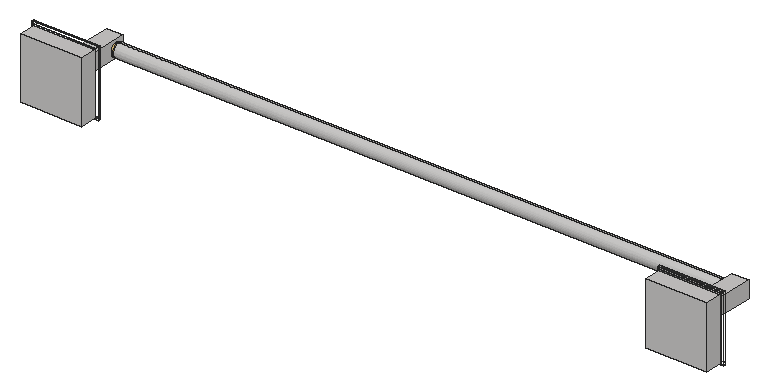
Revit family
Reference planes (in)
  plane 1: y = 0
  plane 2 "Center (Left/Right)": x = 0
  plane 3 "Wall Edge": y = 3
Forms (in)
  Extrusion 1, solid, material "Stainless - Semi"
    sketch origin (22.309, 3, -37.01025) x (-1, 0, 0) y (0, 0, 1)
      loop
        line (35.2465, 82.48454) -> (32.934, 82.48454) -> (32.934, 80.17204) -> (35.2465, 80.17204) -> (35.2465, 82.48454)
    from 0 to 0.625
  Extrusion 2, solid, material "Glass-Frosted"
    sketch origin (22.309, 3, -37.01025) x (-1, 0, 0) y (0, 0, 1)
      loop
        line (35.34025, 82.57829) -> (32.84025, 82.57829) -> (32.84025, 80.07829) -> (35.34025, 80.07829) -> (35.34025, 82.57829)
    from 0.625 to 0.8125
  Extrusion 3, solid, material "Stainless - Satin"
    sketch origin (22.309, 3, -37.01025) x (-1, 0, 0) y (0, 0, 1)
      loop
        line (34.40275, 81.64079) -> (33.77775, 81.64079) -> (33.77775, 81.01579) -> (34.40275, 81.01579) -> (34.40275, 81.64079)
    from 0.8125 to 3
  Extrusion 4, solid, material "Stainless - Satin"
    sketch origin (45.8715, 3, -37.01025) x (-1, 0, 0) y (0, 0, 1)
      loop
        line (35.2465, 82.48454) -> (32.934, 82.48454) -> (32.934, 80.17204) -> (35.2465, 80.17204) -> (35.2465, 82.48454)
    from 0 to 0.625
  Extrusion 5, solid, material "Glass-Frosted"
    sketch origin (45.8715, 3, -37.01025) x (-1, 0, 0) y (0, 0, 1)
      loop
        line (35.34025, 82.57829) -> (32.84025, 82.57829) -> (32.84025, 80.07829) -> (35.34025, 80.07829) -> (35.34025, 82.57829)
    from 0.625 to 0.8125
  Extrusion 6, solid, material "Stainless - Satin"
    sketch origin (45.8715, 3, -37.01025) x (-1, 0, 0) y (0, 0, 1)
      loop
        line (34.40275, 81.64079) -> (33.77775, 81.64079) -> (33.77775, 81.01579) -> (34.40275, 81.01579) -> (34.40275, 81.64079)
    from 0.8125 to 3
  Sweep 7, solid, material "Stainless - Satin"
    path origin (22.309, 3, -37.01025) x (-1, 0, 0) y (0, 0, 1)
      loop
        line (33.67775, 81.32829) -> (10.94025, 81.32829)
    profile origin (0, 3, 44.31804) x (0, 0, -1) y (0, 1, 0)
      loop
        circle (0, 2.65625) r 0.25
  Sweep 8, void
    path in 3D
      loop
        line (13.03125, 3.8125, 45.56804) -> (13.03125, 3.8125, 43.06804) -> (10.53125, 3.8125, 43.06804) -> (10.53125, 3.8125, 45.56804) -> (13.03125, 3.8125, 45.56804)
    profile origin (11.78125, 3.8125, 45.56804) x (0, 1, 0) y (0, 0, 1)
      loop
        line (0, 0) -> (-0.05, 0) -> (0, -0.05) -> (0, 0)
      loop
        line (-0.1875, 0) -> (-0.1875, -0.05) -> (-0.1375, 0) -> (-0.1875, 0)
  Sweep 9, void
    path in 3D
      loop
        line (-10.53125, 3.8125, 45.56804) -> (-10.53125, 3.8125, 43.06804) -> (-13.03125, 3.8125, 43.06804) -> (-13.03125, 3.8125, 45.56804) -> (-10.53125, 3.8125, 45.56804)
    profile origin (-11.78125, 3.8125, 45.56804) x (0, 1, 0) y (0, 0, 1)
      loop
        line (0, 0) -> (-0.05, 0) -> (0, -0.05) -> (0, 0)
      loop
        line (-0.1875, 0) -> (-0.1875, -0.05) -> (-0.1375, 0) -> (-0.1875, 0)
  Sweep 10, solid, material "Brass - Semi"
    path origin (23.93911, 3, -37.01025) x (-1, 0, 0) y (0, 0, 1)
      loop
        line (12.57036, 81.32829) -> (12.47036, 81.32829)
    profile origin (11.41875, 3, 44.31804) x (0, 0, -1) y (0, 1, 0)
      loop
        circle (0, 2.65625) r 0.25
  Sweep 11, solid, material "Brass - Semi"
    path origin (1.10161, 3, -37.01025) x (-1, 0, 0) y (0, 0, 1)
      loop
        line (12.57036, 81.32829) -> (12.47036, 81.32829)
    profile origin (-11.41875, 3, 44.31804) x (0, 0, -1) y (0, 1, 0)
      loop
        circle (0, 2.65625) r 0.25
Cuts and joins
  Sweep 8 cuts Extrusion 4
  Sweep 8 cuts Extrusion 5
  Sweep 8 cuts Extrusion 6
  Sweep 9 cuts Extrusion 1
  Sweep 9 cuts Extrusion 2
  Sweep 9 cuts Extrusion 3
Lines and regions (in)
  sketch lines
    curve 1: line (10.53125, 3.8125, 45.56804) -> (13.03125, 3.8125, 45.56804)
    curve 2: line (13.03125, 3.8125, 45.56804) -> (13.03125, 3.8125, 43.06804)
    curve 3: line (13.03125, 3.8125, 43.06804) -> (10.53125, 3.8125, 43.06804)
    curve 4: line (10.53125, 3.8125, 43.06804) -> (10.53125, 3.8125, 45.56804)
    curve 5: line (-13.03125, 3.8125, 45.56804) -> (-10.53125, 3.8125, 45.56804)
    curve 6: line (-10.53125, 3.8125, 45.56804) -> (-10.53125, 3.8125, 43.06804)
    curve 7: line (-10.53125, 3.8125, 43.06804) -> (-13.03125, 3.8125, 43.06804)
    curve 8: line (-13.03125, 3.8125, 43.06804) -> (-13.03125, 3.8125, 45.56804)
Text (in)
  text "Placement Side" at (0, 40.15149, 123.01588), in view "Right"
  text "Placement Side" at (-70.3804, 28.46503, 0), in view "Ref. Level"
  text "Placement Side" at (0, 81.62555, 140.59947), in view "Left"
Dimensions and locks (in)
  locked: plane 3 "Wall Edge" to host wall
